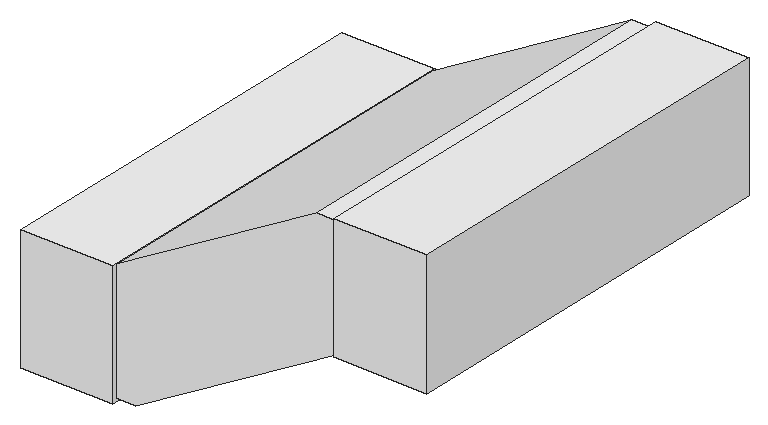
Revit family "CADS_AIRFLOWdev_Airflat_CrossOverConnector", category Duct Fittings, Revit 2015
Parameters (values of type "CADS_AIRFLOWdev_Airflat_CrossOverConnector.jpg")
  WorkingPressure = 3000.0 Pa
  WeeklyMaintenance = "N/A"
  WarrantyStartDate [instance] = "1900-12-31T23:59:130"
  WarrantyPeriod = "0"
  WarrantyIdentifier = "N/A"
  WarrantyGuarantorParts = "info@airflow.com"
  WarrantyGuarantorLabor = "info@airflow.com"
  WarrantyGuarantor = "Airflow Developments Ltd"
  WarrantyEndDate [instance] = "1900-12-31T23:59:130"
  WarrantyContent = "N/A"
  Uniclass2015 = "Pr_30_59_96_92:Ventilation ducts"
  URL = ""
  TemperatureRange = "up to 40°C"
  TagNumber [instance] = "N/A"
  SustainabilityPerformance = "N/A"
  Status = "New"
  Size = "230 x 204 x 122"
  ShippingWeight = 0.30 kg
  Shape = "OTHER"
  ServiceLifeType = "EXPECTEDSERVICELIFE"
  ServiceLifeDuration = "10"
  SerialNumber [instance] = "N/A"
  SAP_Number [instance] = ""
  SAPApproval = no
  ReplacementCost = "8.064"
  Reinforcement = "N/A"
  RedDotDesignAward = no
  QuarterlyMaintenance = "N/A"
  Quantity = 1
  ProductionYear = "2017"
  ProductLiterature = "https://www.airflow.com/pdf/Accessories.pdf#page=10"
  PointOfContact = "Airflow Developments Ltd"
  Plot_Number [instance] = ""
  PassiveHouseApproval = no
  NominalWidth = 204 mm
  NominalLength = 230 mm
  NominalHeight = 122 mm
  NBSCode = "45-80-50/394 Ventilation ducts"
  MonthlyMaintenance = "N/A"
  ModelReference [instance] = "90000482"
  ModelLabel [instance] = "204 x 60 Crossover Duct Connector"
  Material = "Plastic"
  ManufacturerWebsite = "www.airflow.com"
  ManufacturerTelephone = "01494 525252"
  ManufacturerE-Mail = "info@airflow.com"
  ManufacturerAddress = "Aidelle House\nLancaster Road\nCressex Business Park\nHigh Wycombe\nBucks\nHP123QP"
  Manufacturer = "Airflow Developments Ltd"
  MaintenanceRequired8001to12000hrs = "N/A"
  MaintenanceRequired601to1000hrs = "N/A"
  MaintenanceRequired4001to8000hrs = "N/A"
  MaintenanceRequired301to600hrs = "N/A"
  MaintenanceRequired2001to4000hrs = "N/A"
  MaintenanceRequired1001to2000hrs = "N/A"
  MaintenanceRequired0to300hrs = "N/A"
  LongitudinalSeam = "None"
  IsExtendedWarranty = no
  InstallationDate [instance] = "1900-12-31T23:59:130"
  ISO90001 = yes
  ISO140001 = yes
  GrossWeight = 0.25 kg
  Grade = "Virgin"
  GlobalTradeItemNumber [instance] = "5019009317618"
  Fitting Type = "Ignore"
  FireControlPanelLinks = no
  Finish = "Lacquer"
  Features = "102mm x 10m length re-enforced aluminium insulated flexible foil"
  ExpectedServiceLife = 10
  Exclusions = "N/A"
  DurationUnit = "Year"
  DailyMaintenance = "N/A"
  Constituents = "204 x 60 Crossover Duct Connector"
  Color = "White"
  CodePerformance = "N/A"
  CEApproval = yes
  CADS_Index = 0
  Body = CADS_AirFlow_White
  BespokeTimeFrameMaintenance = "N/A"
  AssetType = "FIXED"
  AssetIdentifier [instance] = "N/A"
  AssemblyPlace = "UNKNOWN"
  ArticleNumber [instance] = "N/A"
  AnnualMaintenance = "N/A"
  AirflowRateRange = 140.0 L/s
  AccessibilityPerformance = "N/A"
  6MonthlyMaintenance = "Visually inspect system, clean the fan and ducting if necessary"
Types (2, lengths in mm): name | SAPApproval | RedDotDesignAward | PassiveHouseApproval | NominalWidth | NominalLength | NominalHeight | IsExtendedWarranty | FireControlPanelLinks
  (no name) | yes | yes | yes | 0 | 0 | 0 | yes | yes
  CADS_AIRFLOWdev_Airflat_CrossOverConnector.jpg | no | no | no | 204 | 230 | 122 | no | no
Values of the unnamed type that differ from the named types
  WorkingPressure = 0.0 Pa
  WeeklyMaintenance = ""
  WarrantyStartDate = ""
  WarrantyPeriod = ""
  WarrantyIdentifier = ""
  WarrantyGuarantorParts = ""
  WarrantyGuarantorLabor = ""
  WarrantyGuarantor = ""
  WarrantyEndDate = ""
  WarrantyContent = ""
  Uniclass2015 = ""
  TemperatureRange = ""
  TagNumber = ""
  SustainabilityPerformance = ""
  Status = ""
  Size = ""
  ShippingWeight = 0.00 kg
  Shape = ""
  ServiceLifeType = ""
  ServiceLifeDuration = ""
  SerialNumber = ""
  ReplacementCost = ""
  Reinforcement = ""
  QuarterlyMaintenance = ""
  Quantity = 0
  ProductionYear = ""
  ProductLiterature = ""
  PointOfContact = ""
  NBSCode = ""
  MonthlyMaintenance = ""
  ModelReference = ""
  ModelLabel = ""
  Material = ""
  ManufacturerWebsite = ""
  ManufacturerTelephone = ""
  ManufacturerE-Mail = ""
  ManufacturerAddress = ""
  MaintenanceRequired8001to12000hrs = ""
  MaintenanceRequired601to1000hrs = ""
  MaintenanceRequired4001to8000hrs = ""
  MaintenanceRequired301to600hrs = ""
  MaintenanceRequired2001to4000hrs = ""
  MaintenanceRequired1001to2000hrs = ""
  MaintenanceRequired0to300hrs = ""
  LongitudinalSeam = ""
  InstallationDate = ""
  GrossWeight = 0.00 kg
  Grade = ""
  GlobalTradeItemNumber = ""
  Fitting Type = ""
  Finish = ""
  Features = ""
  ExpectedServiceLife = 0
  Exclusions = ""
  DurationUnit = ""
  DailyMaintenance = ""
  Constituents = ""
  Color = ""
  CodePerformance = ""
  BespokeTimeFrameMaintenance = ""
  AssetType = ""
  AssetIdentifier = ""
  AssemblyPlace = ""
  ArticleNumber = ""
  AnnualMaintenance = ""
  AirflowRateRange = 0.0 L/s
  AccessibilityPerformance = ""
  6MonthlyMaintenance = ""
Reference planes
  plane 1 "Center (Front/Back)": y = 0
  plane 2: z = 0
  plane 3 "Center (Left/Right)": x = 0
Forms (mm)
  Extrusion 1, solid, material "CADS_AirFlow_White"
    sketch origin (0, 0, -3) x (1, 0, 0) y (0, 0, 1)
      loop
        line (-0.783, 33) -> (-45, 33) -> (-45, -27) -> (13.129, -27) -> (120.516, 35) -> (162.846, 35) -> (162.846, 95) -> (106.604, 95) -> (-0.783, 33)
    from -102 to 102
  Extrusion 2, void
    sketch origin (162.846, 0, 36.624) x (0, 0, 1) y (0, -1, 0)
      loop
        line (55.376, 102) -> (-4.624, 102) -> (-4.624, -102) -> (55.376, -102) -> (55.376, 102)
    from -42.7 to 2.3
  Extrusion 3, void
    sketch origin (-45, 0, 12) x (0, 0, -1) y (0, -1, 0)
      loop
        line (-18, -102) -> (42, -102) -> (42, 102) -> (-18, 102) -> (-18, -102)
    from -45 to 0
  Extrusion 4, solid, material "CADS_AirFlow_White"
    sketch origin (0, 0, -3) x (1, 0, 0) y (0, 0, 1)
      loop
        line (3, 35) -> (-45, 35) -> (-45, -29) -> (3, -29) -> (3, 35)
      loop
        line (165.146, 33) -> (165.146, 97) -> (117.146, 97) -> (117.146, 33) -> (165.146, 33)
    from -104 to 104
Cuts and joins
  Extrusion 2, Extrusion 3 cuts Extrusion 1
Lines and regions (mm)
  model lines, detail levels coarse
    curve 1: line (-3, 0, 0) -> (3, 0, 0)
Dimensions and locks
  curve 1 to plane 3 "Center (Left/Right)" = 3 mm
  plane 3 "Center (Left/Right)" to curve 1 = 3 mm
  aligned and locked: level to plane 2
Connectors
  hvac at (0, 0, 0)
    settings: on cut or joined group of Extrusion 1, Extrusion 2, Extrusion 3, index 1, duct flow 0.0 L/s, flow factor 0, pres drop 0.0 Pa, loss coef 0, conn angle 0.00°, conn width 204 mm, conn height 60 mm, conn diameter 609.6 mm, duct sys type 28, conn prof type 1, flow config 0, flow direction 0, loss method 0, conn ref index -1, conn util no, is conn primary yes, conn desc ""
  hvac at (120.146, 0, 62)
    settings: on cut or joined group of Extrusion 1, Extrusion 2, Extrusion 3, index 2, duct flow 0.0 L/s, flow factor 0, pres drop 0.0 Pa, loss coef 0, conn angle 0.00°, conn width 204 mm, conn height 60 mm, conn diameter 609.6 mm, duct sys type 28, conn prof type 1, flow config 0, flow direction 0, loss method 0, conn ref index -1, conn util no, is conn primary no, conn desc ""
